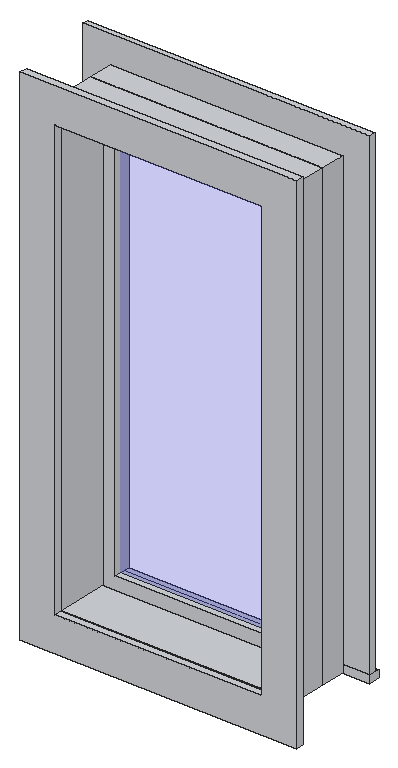
Revit family "auto-Window-HINGED", category 窗, Revit 2020
Family settings
  主体 = 墙
  总是垂直 = 是
  加载时剪切的空心 = 否
  共享 = 否
  房间计算点 = 否
Parameters (values of type "600 x 1200mm")
  Visual Light Transmittance = 0.9
  Solar Heat Gain Coefficient = 0.86
  窗台材质 = none
  Rough Width = 宽度  # 600.00 mm
  Rough Height = 高度  # 1200.00 mm
  构造类型 ID = ""
  高窗平面 [instance] = not(通用窗平面)  # no
  传热系数(U) = 5.5617 W/(m²·K)
  玻璃 = none
  高度 = 1200.00 mm
  通用窗平面 [instance] = yes
  框架材质 = none
  默认窗台高度 = 900.00 mm
  贴面材质 = none
  外贴面厚度 = 15.00 mm
  内贴面厚度 = 20.00 mm
  贴面宽度 = 90.00 mm
  墙闭合 = 按主体
  宽度 = 600.00 mm
  窗嵌入 = 20.00 mm
  分析构造 = 大型单层玻璃窗
Reference planes
  plane 1 "ter (前/后)": y = 0
  plane 2: z = 0
  plane 3 "中心(左/右)": x = 0
  plane 4 "左": x = -300
  plane 5 "右": x = 300
  plane 6 "窗台": z = 900
  plane 7 "水头": z = 2100
  plane 8 "外部": y = 100
  plane 9 "内部": y = -100
  plane 10: y = 80
  plane 11 "顶部": z = 1500
  plane 12: x = -280.95
  plane 13: x = -268.25
  plane 14: x = -370.95
  plane 15: x = -358.25
  plane 16: x = 268.25
  plane 17: x = 280.95
  plane 18: x = 358.25
  plane 19: x = 370.95
  plane 20: z = 2170.95
  plane 21: z = 2158.25
  plane 22: z = 2080.95
  plane 23: z = 2068.25
  plane 24: z = 931.75
  plane 25: z = 841.75
  plane 26 "隔板": y = 52
  plane 27: y = 20
  plane 28: y = -20
Forms (mm)
  Extrusion 1, solid, material <- "框架材质"
    sketch origin (0, 0, 0) x (1, 0, 0) y (0, 0, 1)
      loop
        line (-300, 2100) -> (-300, 900) -> (300, 900) -> (300, 2100) -> (-300, 2100)
      loop
        line (-280.95, 2080.95) -> (-280.95, 919.05) -> (280.95, 919.05) -> (280.95, 2080.95) -> (-280.95, 2080.95)
    from -100 to -35.55
  Extrusion 2, solid, material <- "框架材质"
    sketch origin (0, 0, 0) x (-1, 0, 0) y (0, 0, 1)
      loop
        line (-300, 2100) -> (-300, 900) -> (300, 900) -> (300, 2100) -> (-300, 2100)
      loop
        line (-268.25, 2068.25) -> (-268.25, 931.75) -> (268.25, 931.75) -> (268.25, 2068.25) -> (-268.25, 2068.25)
    from 35.55 to -100
  Extrusion 3, solid, material <- "框架材质"
    sketch origin (0, 0, 0) x (-1, 0, 0) y (0, 0, 1)
      loop
        line (-280.95, 2080.95) -> (-280.95, 919.05) -> (280.95, 919.05) -> (280.95, 2080.95) -> (-280.95, 2080.95)
      loop
        line (-236.5, 2036.5) -> (-236.5, 963.5) -> (236.5, 963.5) -> (236.5, 2036.5) -> (-236.5, 2036.5)
    from 35.55 to 80
  Extrusion 4, solid, material <- "玻璃"
    sketch origin (-124.971, 0, -117.036) x (1, 0, 0) y (0, 0, 1)
      loop
        line (-111.529, 2153.536) -> (-111.529, 1080.536) -> (361.471, 1080.536) -> (361.471, 2153.536) -> (-111.529, 2153.536)
    from -64.125 to -51.425
  Extrusion 5, solid, material <- "贴面材质", detail levels fine
    sketch origin (0, 0, 0) x (1, 0, 0) y (0, 0, 1)
      loop
        line (-268.25, 2068.25) -> (-268.25, 931.75) -> (268.25, 931.75) -> (268.25, 2068.25) -> (-268.25, 2068.25)
      loop
        line (-358.25, 2158.25) -> (-358.25, 841.75) -> (358.25, 841.75) -> (358.25, 2158.25) -> (-358.25, 2158.25)
    from 100 to 120
  Extrusion 6, solid, material <- "贴面材质", detail levels fine
    sketch origin (0, 0, 0) x (-1, 0, 0) y (0, 0, 1)
      loop
        line (-280.95, 2080.95) -> (280.95, 2080.95) -> (280.95, 919.05) -> (370.95, 919.05) -> (370.95, 2170.95) -> (-370.95, 2170.95) -> (-370.95, 919.05) -> (-280.95, 919.05) -> (-280.95, 2080.95)
    from 100 to 115
  Extrusion 7, solid, material <- "窗台材质", detail levels fine
    sketch origin (0, 0, 0) x (-1, 0, 0) y (0, 0, 1)
      loop
        line (-370.95, 919.05) -> (-370.95, 900) -> (370.95, 900) -> (370.95, 919.05) -> (-370.95, 919.05)
    from 100 to 127.7
Lines and regions (mm)
  Opening 1
    outline origin (-1524, -100, 0) x (1, 0, 0) y (0, 0, 1)
      loop
        line (1224, 2100) -> (1224, 900) -> (1824, 900) -> (1824, 2100) -> (1224, 2100)
  Masking region 1, visible <- "通用窗平面"
    outline origin (0, 0, 0) x (1, 0, 0) y (0, 1, 0)
      loop
        line (-300, 100) -> (-300, -100) -> (300, -100) -> (300, 100) -> (-300, 100)
  Masking region 2
    outline origin (0, 0, 0) x (0, 1, 0) y (0, 0, 1)
      loop
        line (-100, 2100) -> (-100, 900) -> (100, 900) -> (100, 2100) -> (-100, 2100)
  symbolic lines, style "平/剖面打开方向 - 实线", visible <- "通用窗平面"
    curve 1: line (-300, 100, 0) -> (300, 100, 0)
    curve 2: line (-300, -100, 0) -> (-300, 100, 0)
    curve 3: line (300, -100, 0) -> (-300, -100, 0)
    curve 4: line (300, 100, 0) -> (300, -100, 0)
    curve 5: line (-300, 20, 0) -> (300, 20, 0)
    curve 6: line (300, -20, 0) -> (-300, -20, 0)
  symbolic lines, style "平面打开方向 - 划线", visible <- "高窗平面"
    curve 7: line (-300, 20, 0) -> (300, 20, 0)
    curve 8: line (-300, -20, 0) -> (300, -20, 0)
    curve 9: line (300, 100, 0) -> (300, -100, 0)
    curve 10: line (-300, 100, 0) -> (-300, -100, 0)
  symbolic lines, style "立面打开方向 - 划线"
    curve 11: line (-280.95, 80, 2080.95) -> (280.95, 80, 1500)
    curve 12: line (280.95, 80, 1500) -> (-280.95, 80, 919.05)
  symbolic lines, style "平/剖面打开方向 - 实线"
    curve 13: line (0, -100, 2100) -> (0, 100, 2100)
    curve 14: line (0, -100, 900) -> (0, -100, 2100)
    curve 15: line (0, 100, 900) -> (0, -100, 900)
    curve 16: line (0, 100, 2100) -> (0, 100, 900)
    curve 17: line (0, -20, 2100) -> (0, -20, 900)
    curve 18: line (0, 20, 2100) -> (0, 20, 900)
Text (mm)
  text "EXTERIOR" at (-1437.207, 772.553, 0), in view "参照标高"
  text "INTERIOR" at (-1490.695, -608.643, 0), in view "参照标高"
  text "外部" at (0, 1108.87, 3415.022), in view "左"
  text "外部" at (0, 464.664, 3176.206), in view "右"
Dimensions and locks
  equal spacing: plane 4 "左", plane 3 "中心(左/右)", plane 5 "右"
  "宽度": plane 4 "左" to plane 5 "右"
  "窗嵌入": plane 8 "外部" to plane 10
  locked: plane 10 to Extrusion 3 at 44.45
  locked: plane 10 to Extrusion 4 at 15.875
  locked: Extrusion 4 to Extrusion 4 at 12.7
  "内贴面厚度": Extrusion 5 to Extrusion 5
  equal spacing: plane 6 "窗台", plane 11 "顶部", plane 7 "水头"
  locked: Extrusion 7 to Extrusion 6 at 12.7
  "外贴面厚度": Extrusion 6 to Extrusion 6
  locked: plane 4 "左" to plane 13 at 31.75
  locked: plane 16 to plane 5 "右" at 31.75
  locked: plane 4 "左" to plane 12 at 19.05
  locked: plane 17 to plane 5 "右" at 19.05
  locked: plane 22 to plane 7 "水头" at 19.05
  "贴面宽度": plane 22 to plane 20
  "贴面宽度": plane 17 to plane 19
  "贴面宽度": plane 14 to plane 12
  locked: plane 7 "水头" to plane 23 at 31.75
  locked: plane 24 to plane 6 "窗台" at 31.75
  "贴面宽度": plane 21 to plane 23
  "贴面宽度": plane 24 to plane 25
  "贴面宽度": plane 15 to plane 13
  "贴面宽度": plane 16 to plane 18
  locked: Extrusion 7 sketch curve to Extrusion 7 sketch curve at 19.05
  "高度": plane 7 "水头" to plane 6 "窗台"
  "默认窗台高度": plane 6 "窗台" to plane 2
  locked: plane 8 "外部" to plane 26 "隔板" at 48
  equal spacing: plane 27, plane 1 "ter (前/后)", plane 28
  locked: plane 27 to plane 28 at 40
  aligned and locked: plane 7 "水头" to Opening 1 sketch curve
  aligned and locked: plane 6 "窗台" to Opening 1 sketch curve  (x2)
  aligned and locked: plane 5 "右" to Opening 1 sketch curve
  aligned and locked: plane 4 "左" to Opening 1 sketch curve
  aligned and locked: plane 9 "内部" to host wall
  aligned and locked: host wall to Extrusion 2
  aligned and locked: plane 10 to Extrusion 3
  aligned and locked: plane 8 "外部" to host wall
  aligned and locked: host wall to Extrusion 1
  aligned and locked: Extrusion 2 to Extrusion 1
  aligned and locked: Extrusion 1 to Extrusion 3
  aligned and locked: Extrusion 4 sketch curve to Extrusion 3  (x4)
  aligned and locked: Extrusion 5 sketch curve to Extrusion 2  (x4)
  aligned and locked: Extrusion 5 to host wall
  aligned and locked: Extrusion 7 sketch curve to Extrusion 6  (x2)
  aligned and locked: Extrusion 6 to host wall
  aligned and locked: Extrusion 7 to host wall
  aligned and locked: Masking region 1 sketch curve to plane 8 "外部"
  aligned and locked: Masking region 1 sketch curve to plane 4 "左"
  aligned and locked: plane 9 "内部" to Masking region 1 sketch curve
  aligned and locked: plane 5 "右" to Masking region 1 sketch curve
  aligned and locked: curve 1 to plane 8 "外部"
  aligned and locked: curve 2 to plane 4 "左"
  aligned and locked: plane 9 "内部" to curve 3
  aligned and locked: curve 5 to plane 27
  aligned and locked: plane 28 to curve 6
  aligned and locked: plane 4 "左" to curve 10
  aligned and locked: plane 5 "右" to curve 9
  aligned and locked: curve 7 to plane 27
  aligned and locked: curve 8 to plane 28
  aligned and locked: plane 22 to curve 11
  aligned and locked: plane 12 to curve 11
  aligned and locked: plane 17 to curve 12
  aligned and locked: plane 11 "顶部" to curve 11
  aligned and locked: plane 12 to curve 12
  aligned and locked: Extrusion 7 to curve 12
  aligned and locked: plane 7 "水头" to Masking region 2 sketch curve
  aligned and locked: plane 9 "内部" to Masking region 2 sketch curve
  aligned and locked: Masking region 2 sketch curve to plane 6 "窗台"
  aligned and locked: Masking region 2 sketch curve to plane 8 "外部"
  aligned and locked: plane 7 "水头" to curve 13
  aligned and locked: plane 9 "内部" to curve 14
  aligned and locked: curve 15 to plane 6 "窗台"
  aligned and locked: curve 16 to plane 8 "外部"
  aligned and locked: curve 17 to plane 28
  aligned and locked: curve 18 to plane 27
Automatic sketch dimensions
  Extrusion 1 sketch curve to plane 4 "左" = 0.00 mm
  Extrusion 1 sketch curve to plane 5 "右" = 0.00 mm
  Extrusion 1 sketch curve to plane 4 "左" = 19.05 mm
  plane 5 "右" to Extrusion 1 sketch curve = 19.05 mm
  Extrusion 1 sketch curve to plane 6 "窗台" = 0.00 mm
  Extrusion 1 sketch curve to plane 7 "水头" = 0.00 mm
  Extrusion 1 sketch curve to plane 6 "窗台" = 19.05 mm
  plane 7 "水头" to Extrusion 1 sketch curve = 19.05 mm
  Extrusion 2 sketch curve to plane 5 "右" = 0.00 mm
  Extrusion 2 sketch curve to plane 4 "左" = 0.00 mm
  plane 5 "右" to Extrusion 2 sketch curve = 31.75 mm
  Extrusion 2 sketch curve to plane 4 "左" = 31.75 mm
  Extrusion 2 sketch curve to plane 6 "窗台" = 0.00 mm
  Extrusion 2 sketch curve to plane 7 "水头" = 0.00 mm
  Extrusion 2 sketch curve to plane 6 "窗台" = 31.75 mm
  plane 7 "水头" to Extrusion 2 sketch curve = 31.75 mm
  plane 5 "右" to Extrusion 3 sketch curve = 19.05 mm
  plane 5 "右" to Extrusion 3 sketch curve = 63.50 mm
  Extrusion 3 sketch curve to plane 4 "左" = 63.50 mm
  Extrusion 3 sketch curve to plane 4 "左" = 19.05 mm
  Extrusion 3 sketch curve to plane 6 "窗台" = 19.05 mm
  Extrusion 3 sketch curve to plane 6 "窗台" = 63.50 mm
  plane 7 "水头" to Extrusion 3 sketch curve = 63.50 mm
  plane 7 "水头" to Extrusion 3 sketch curve = 19.05 mm
  Extrusion 7 sketch curve to plane 14 = 0.00 mm
  Extrusion 5 sketch curve to plane 15 = 0.00 mm
  Extrusion 5 sketch curve to plane 18 = 0.00 mm
  Extrusion 5 sketch curve to plane 25 = 0.00 mm
  Extrusion 5 sketch curve to plane 21 = 0.00 mm
  Extrusion 6 sketch curve to plane 19 = 0.00 mm
  Extrusion 6 sketch curve to plane 17 = 0.00 mm
  Extrusion 6 sketch curve to plane 12 = 0.00 mm
  Extrusion 6 sketch curve to plane 14 = 0.00 mm
  Extrusion 6 sketch curve to plane 22 = 0.00 mm
  Extrusion 6 sketch curve to plane 20 = 0.00 mm
  Extrusion 6 sketch curve to plane 6 "窗台" = 19.05 mm  (x2)
